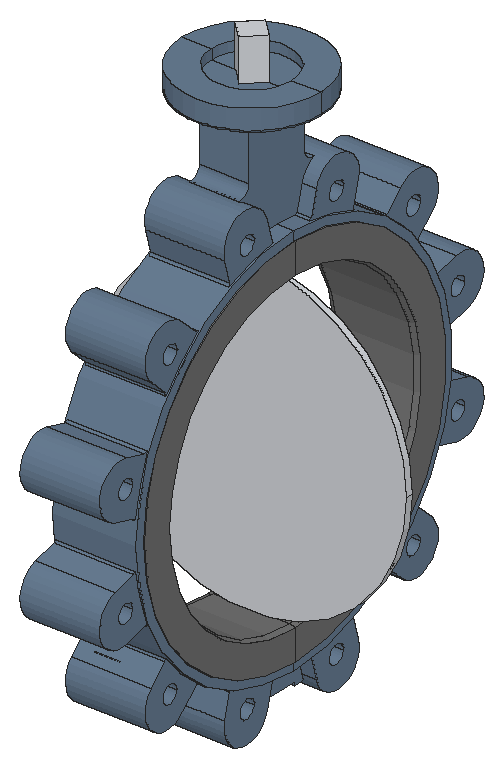
Revit family "HERZ Isolating Butterfly Valves AF-4219", category Rohrzubehör, Revit 2019
Family settings
  Bemaßung runder Anschluss = Durchmesser verwenden
  Teiletyp = Unterbricht
  OmniClass-Nummer = 23.65.55.14
  OmniClass-Titel = Valves for Liquid Services
  Arbeitsebenenbasiert = Nein
  Immer vertikal = Ja
  Beim Laden mit Abzugskörper schneiden = Nein
  Gemeinsam genutzt = Nein
Parameters
  Weight [instance] = size_lookup("4219_AF_", "Gewicht", 3.8, Nennweite)  # 37.6
  URL = "www.herzvalves.com"
  Spindle = "stainless steel ASTM-A276 / Type 316"  # constant formula
  Screws [instance] = if(Nennweite = 50.000 mm, "4x M16x35", if(Nennweite = 65.000 mm, "4x M16x35", if(Nennweite = 80.000 mm, "8x M16x35", if(Nennweite = 100.000 mm, "8x M16x40", if(Nennweite = 125.000 mm, "8x M16x40", if(Nennweite = 150.000 mm, "8x M20x40", if(Nennweite = 200.000 mm, "12x M20x45", if(Nennweite = 250.000 mm, "12x M24x45", "12x M24x45"))))))))  # "12x M24x45"
  SCTWSEQ = "FW;SBT_TYP_FW=\"101\";2"
  SCTWCODE = "04;07;02"  # constant formula
  SCRNSEQ = "ARM;ARM_TYP=\"ALLF\";2"
  SCRNCODE = "05;13;02"  # constant formula
  R99 = 1.500 mm  # constant formula
  R02 [instance] = size_lookup("4219_AF_", "R2", 1.000 mm, Nennweite)  # 37.500 mm
  Part number [instance] = size_lookup("4219_AF_", "Artnr", 421911, Nennweite)  # 1421939
  PN [instance] = size_lookup("4219_AF_", "PN", 16, Nennweite)  # 10
  O-Ring = "EPDM entsprechend ISO 1691"  # constant formula
  Min. operating temperature = "-20.00 °C with appropriate water-glycol mixture"  # constant formula
  Medium = "Heating water quality according ÖNORM H5195 or VDI-Standard 2035. The use of ethylene or propylene glycol in a\nmixing ratio 25- 50% is allowed."
  Max. operating temperature = 110 °C  # constant formula
  L05 [instance] = size_lookup("4219_AF_", "L5", 1.000 mm, Nennweite)  # 22.000 mm
  L04 [instance] = L01 - 3.500 mm  # 35.500 mm
  L03 [instance] = L01 + 1.500 mm  # 40.500 mm
  L02 [instance] = size_lookup("4219_AF_", "L2", 14.500 mm, Nennweite)  # 30.500 mm
  L01 [instance] = size_lookup("4219_AF_", "L1", 21.500 mm, Nennweite)  # 39.000 mm
  R01 [instance] = size_lookup("4219_AF_", "R1", 44.000 mm, Nennweite)  # 65.000 mm
  Nennweite [instance] = 300.000 mm
  Hersteller = "HERZ Armaturen Ges.m.b.H."  # constant formula
  H05 [instance] = size_lookup("4219_AF_", "H5", 1.000 mm, Nennweite) + H03  # 39.000 mm
  H04 [instance] = H01 - H03  # 299.000 mm
  H03 [instance] = size_lookup("4219_AF_", "H3", 1.000 mm, Nennweite)  # 9.000 mm
  H02 [instance] = size_lookup("4219_AF_", "H2", 13.000 mm, Nennweite)  # 20.000 mm
  H01 [instance] = size_lookup("4219_AF_", "H1", 125.000 mm, Nennweite)  # 308.000 mm
  Flange = "accoding to EN1092-2"  # constant formula
  Torque in NM [instance] = size_lookup("4219_AF_", "Nm", 20, Nennweite)  # 350
  Disc = "stainless steel 1.4408"  # constant formula
  DN80 [instance] = Nennweite = 80.000 mm  # no
  DN65 [instance] = Nennweite = 65.000 mm  # no
  DN50 [instance] = Nennweite = 50.000 mm  # no
  DN300 [instance] = Nennweite = 300.000 mm  # yes
  DN250 [instance] = Nennweite = 250.000 mm  # no
  DN200 [instance] = Nennweite = 200.000 mm  # no
  DN150 [instance] = Nennweite = 150.000 mm  # no
  DN125 [instance] = Nennweite = 125.000 mm  # no
  DN100 [instance] = Nennweite = 100.000 mm  # no
  D06 [instance] = size_lookup("4219_AF_", "D6", 25.300 mm, Nennweite)  # 146.500 mm
  D05 [instance] = size_lookup("4219_AF_", "D5", 24.500 mm, Nennweite)  # 145.000 mm
  D04 [instance] = D05 + 2.000 mm  # 147.000 mm
  D03 [instance] = size_lookup("4219_AF_", "D3", 35.500 mm, Nennweite)  # 167.500 mm
  D02 [instance] = size_lookup("4219_AF_", "D2", 41.000 mm, Nennweite)  # 175.000 mm
  D01 [instance] = size_lookup("4219_AF_", "D1", 47.000 mm, Nennweite)  # 183.000 mm
  Body sealing = "EPDM according to ISO 1691"  # constant formula
  Body = "GGG, GJS-400-15/JS1030, according to EN1563"  # constant formula
  Application = "Suitable for fluids in building services, cold water systems, hot water saystems, etc."
Reference planes
  plane 1 "Mitte (Vorne/hinten)": y = 0
  plane 2: z = 0
  plane 3 "Mitte (Links/rechts)": x = 0
Forms (mm)
  Revolve 1, solid, material "Herz-Metall-blau", detail levels fine
    sketch origin (0, 0, 0) x (1, 0, 0) y (0, 0, 1)
      loop
        line (-30.5, 175) -> (-30.5, 167.5) -> (30.5, 167.5) -> (30.5, 175) -> (39, 175) -> (39, 183) -> (-39, 183) -> (-39, 175) -> (-30.5, 175)
      axis (-39, 0) -> (39, 0)
    angle from 0 to 360
  Revolve 2, solid, material "Herz-Metall-blau", detail levels fine
    sketch origin (0, 0, 0) x (1, 0, 0) y (0, 0, 1)
      loop
        line (-65, 308) -> (-65, 289.463)
        arc (-65, 289.463) -> (-64.673, 288.527) -> (-63.833, 288) r 1.5
        line (-63.833, 288) -> (0, 288) -> (0, 299) -> (-37.5, 299) -> (-37.5, 308) -> (-65, 308)
      axis (0, 308) -> (0, 288)
    angle from 0 to 360
  Extrusion 3, solid, material "Herz-Metall-blau", visible <- "DN50", detail levels fine
    sketch origin (0, 0, 0) x (0, 1, 0) y (0, 0, 1)
      loop
        line (56.215, -32.173) -> (43.95, -19.909)
        arc (43.95, -19.909) -> (43.387, -18.793) -> (43.596, -17.56) r 2
        arc (43.596, -17.56) -> (33.234, -33.234) -> (17.56, -43.596) r 47
        arc (17.56, -43.596) -> (18.793, -43.387) -> (19.909, -43.95) r 2
        line (19.909, -43.95) -> (32.173, -56.215)
        arc (32.173, -56.215) -> (56.215, -56.215) -> (56.215, -32.173) r 17
      loop
        arc (-56.215, -32.173) -> (-56.215, -56.215) -> (-32.173, -56.215) r 17
        line (-32.173, -56.215) -> (-19.909, -43.95)
        arc (-19.909, -43.95) -> (-18.793, -43.387) -> (-17.56, -43.596) r 2
        arc (-17.56, -43.596) -> (-33.234, -33.234) -> (-43.596, -17.56) r 47
        arc (-43.596, -17.56) -> (-43.387, -18.793) -> (-43.95, -19.909) r 2
        line (-43.95, -19.909) -> (-56.215, -32.173)
      loop
        arc (56.215, 32.173) -> (56.215, 56.215) -> (32.173, 56.215) r 17
        line (32.173, 56.215) -> (19.909, 43.95)
        arc (19.909, 43.95) -> (18.793, 43.387) -> (17.56, 43.596) r 2
        arc (17.56, 43.596) -> (33.234, 33.234) -> (43.596, 17.56) r 47
        arc (43.596, 17.56) -> (43.387, 18.793) -> (43.95, 19.909) r 2
        line (43.95, 19.909) -> (56.215, 32.173)
      loop
        line (-56.215, 32.173) -> (-43.95, 19.909)
        arc (-43.95, 19.909) -> (-43.387, 18.793) -> (-43.596, 17.56) r 2
        arc (-43.596, 17.56) -> (-33.234, 33.234) -> (-17.56, 43.596) r 47
        arc (-17.56, 43.596) -> (-18.793, 43.387) -> (-19.909, 43.95) r 2
        line (-19.909, 43.95) -> (-32.173, 56.215)
        arc (-32.173, 56.215) -> (-56.215, 56.215) -> (-56.215, 32.173) r 17
      loop
        circle (-44.194, 44.194) r 6.92
      loop
        circle (44.194, 44.194) r 6.92
      loop
        circle (44.194, -44.194) r 6.92
      loop
        circle (-44.194, -44.194) r 6.92
    from -19.5 to 19.5
  Extrusion 4, solid, material "Herz-Metall-blau", visible <- "DN50", detail levels fine
    sketch origin (0, 0, 0) x (0, 1, 0) y (0, 0, 1)
      loop
        line (20, 74.845) -> (20, 112) -> (-20, 112) -> (-20, 74.845)
        arc (-20, 74.845) -> (-26.046, 62.811) -> (-39.31, 60.477) r 15
        arc (-39.31, 60.477) -> (-35.477, 58.789) -> (-32.173, 56.215) r 17
        line (-32.173, 56.215) -> (-19.909, 43.95)
        arc (-19.909, 43.95) -> (-18.793, 43.387) -> (-17.56, 43.596) r 2
        arc (-17.56, 43.596) -> (0, 47) -> (17.56, 43.596) r 47
        arc (17.56, 43.596) -> (18.793, 43.387) -> (19.909, 43.95) r 2
        line (19.909, 43.95) -> (32.173, 56.215)
        arc (32.173, 56.215) -> (35.477, 58.789) -> (39.31, 60.477) r 17
        arc (39.31, 60.477) -> (26.046, 62.811) -> (20, 74.845) r 15
    from -15 to 15
  Extrusion 5, solid, material "Herz-Metall-blau", visible <- "DN50"
    sketch origin (0, 0, 0) x (0, 1, 0) y (0, 0, 1)
      loop
        arc (33.834, -58) -> (34.246, -58.062) -> (34.622, -58.243) r 1.4
        arc (34.622, -58.243) -> (33.35, -57.286) -> (32.173, -56.215) r 17
        line (32.173, -56.215) -> (19.909, -43.95)
        arc (19.909, -43.95) -> (18.793, -43.387) -> (17.56, -43.596) r 2
        arc (17.56, -43.596) -> (0, -47) -> (-17.56, -43.596) r 47
        arc (-17.56, -43.596) -> (-18.793, -43.387) -> (-19.909, -43.95) r 2
        line (-19.909, -43.95) -> (-32.173, -56.215)
        arc (-32.173, -56.215) -> (-33.35, -57.286) -> (-34.622, -58.243) r 17
        arc (-34.622, -58.243) -> (-34.246, -58.062) -> (-33.834, -58) r 1.4
        line (-33.834, -58) -> (-16.963, -58)
        arc (-16.963, -58) -> (-15.575, -58.575) -> (-15, -59.963) r 1.963
        line (-15, -59.963) -> (-15, -61) -> (15, -61) -> (15, -59.963)
        arc (15, -59.963) -> (15.575, -58.575) -> (16.963, -58) r 1.963
        line (16.963, -58) -> (33.834, -58)
    from -15 to 15
  Revolve 6, solid, material "Gummi", detail levels fine
    sketch origin (-134.5, 0, 0) x (1, 0, 0) y (0, 0, 1)
      loop
        line (94, 175) -> (94, 147) -> (99, 145) -> (170, 145) -> (175, 147) -> (175, 175) -> (165, 175) -> (165, 167.5) -> (104, 167.5) -> (104, 175) -> (94, 175)
      axis (94, 0) -> (175, 0)
    angle from 0 to 360
  Extrusion 7, solid, detail levels fine
    sketch origin (0, 0, 0) x (1, 0, 0) y (0, 0, 1)
      loop
        circle (0, 0) r 146.5
    from -2.5 to 2.5
  Extrusion 8, solid, material "Herz-Metall-blau", visible <- "DN65", detail levels fine
    sketch origin (0, -300, 0) x (0, 1, 0) y (0, 0, 1)
      loop
        circle (351.265, 51.265) r 6.92
      loop
        arc (363.286, 39.244) -> (363.286, 63.286) -> (339.244, 63.286) r 17
        line (339.244, 63.286) -> (328.595, 52.636)
        arc (328.595, 52.636) -> (327.499, 52.076) -> (326.282, 52.264) r 2
        arc (326.282, 52.264) -> (341.366, 41.366) -> (352.264, 26.282) r 58.501
        arc (352.264, 26.282) -> (352.087, 27.51) -> (352.656, 28.614) r 2.038
        line (352.656, 28.614) -> (363.286, 39.244)
      loop
        circle (351.265, -51.265) r 6.92
      loop
        line (363.286, -39.244) -> (352.656, -28.614)
        arc (352.656, -28.614) -> (352.087, -27.51) -> (352.264, -26.282) r 2.038
        arc (352.264, -26.282) -> (341.366, -41.366) -> (326.282, -52.264) r 58.501
        arc (326.282, -52.264) -> (327.499, -52.076) -> (328.595, -52.636) r 2
        line (328.595, -52.636) -> (339.244, -63.286)
        arc (339.244, -63.286) -> (363.286, -63.286) -> (363.286, -39.244) r 17
      loop
        circle (248.735, 51.265) r 6.92
      loop
        line (236.714, 39.244) -> (247.344, 28.614)
        arc (247.344, 28.614) -> (247.913, 27.51) -> (247.736, 26.282) r 2.038
        arc (247.736, 26.282) -> (258.634, 41.366) -> (273.718, 52.264) r 58.501
        arc (273.718, 52.264) -> (272.501, 52.076) -> (271.405, 52.636) r 2
        line (271.405, 52.636) -> (260.756, 63.286)
        arc (260.756, 63.286) -> (236.714, 63.286) -> (236.714, 39.244) r 17
      loop
        circle (248.735, -51.265) r 6.92
      loop
        arc (236.714, -39.244) -> (236.714, -63.286) -> (260.756, -63.286) r 17
        line (260.756, -63.286) -> (271.405, -52.636)
        arc (271.405, -52.636) -> (272.501, -52.076) -> (273.718, -52.264) r 2
        arc (273.718, -52.264) -> (258.634, -41.366) -> (247.736, -26.282) r 58.501
        arc (247.736, -26.282) -> (247.913, -27.51) -> (247.344, -28.614) r 2.038
        line (247.344, -28.614) -> (236.714, -39.244)
    from -21 to 21
  Extrusion 9, solid, material "Herz-Metall-blau", visible <- "DN65", detail levels fine
    sketch origin (0, -300, 0) x (0, 1, 0) y (0, 0, 1)
      loop
        line (278, 136.5) -> (278, 78.286)
        arc (278, 78.286) -> (272.889, 69.099) -> (263, 65.53) r 14.984
        line (263, 65.53) -> (257.982, 65.53)
        arc (257.982, 65.53) -> (259.428, 64.481) -> (260.756, 63.286) r 17
        line (260.756, 63.286) -> (271.405, 52.636)
        arc (271.405, 52.636) -> (272.501, 52.076) -> (273.718, 52.264) r 2
        arc (273.718, 52.264) -> (300, 58.5) -> (326.282, 52.264) r 58.5
        arc (326.282, 52.264) -> (327.499, 52.076) -> (328.595, 52.636) r 2
        line (328.595, 52.636) -> (339.244, 63.286)
        arc (339.244, 63.286) -> (340.572, 64.481) -> (342.018, 65.53) r 17
        line (342.018, 65.53) -> (337, 65.53)
        arc (337, 65.53) -> (327.111, 69.099) -> (322, 78.286) r 14.984
        line (322, 78.286) -> (322, 136.5) -> (278, 136.5)
      loop
        arc (260.756, -63.286) -> (259.428, -64.481) -> (257.982, -65.53) r 17
        line (257.982, -65.53) -> (280.029, -65.53)
        arc (280.029, -65.53) -> (281.423, -66.108) -> (282, -67.501) r 1.971
        line (282, -67.501) -> (282, -74) -> (318, -74) -> (318, -67.527)
        arc (318, -67.527) -> (318.585, -66.115) -> (319.997, -65.53) r 1.997
        line (319.997, -65.53) -> (342.018, -65.53)
        arc (342.018, -65.53) -> (340.572, -64.481) -> (339.244, -63.286) r 17
        line (339.244, -63.286) -> (328.595, -52.636)
        arc (328.595, -52.636) -> (327.499, -52.076) -> (326.282, -52.264) r 2
        arc (326.282, -52.264) -> (300, -58.5) -> (273.718, -52.264) r 58.5
        arc (273.718, -52.264) -> (272.501, -52.076) -> (271.405, -52.636) r 2
        line (271.405, -52.636) -> (260.756, -63.286)
    from -18 to 18
  Extrusion 10, solid, material "Herz-Metall-blau", visible <- "DN80", detail levels fine
    sketch origin (0, -300, 0) x (0, 1, 0) y (0, 0, 1)
      loop
        circle (269.385, 73.91) r 6.92
      loop
        arc (285.091, 80.416) -> (262.88, 89.616) -> (253.679, 67.405) r 17
        line (253.679, 67.405) -> (259.513, 53.322)
        arc (259.513, 53.322) -> (259.602, 52.073) -> (258.924, 51.02) r 1.982
        arc (258.924, 51.02) -> (274.934, 60.514) -> (292.968, 65.121) r 65.5
        arc (292.968, 65.121) -> (291.745, 65.388) -> (290.924, 66.335) r 1.984
        line (290.924, 66.335) -> (285.091, 80.416)
      loop
        circle (226.09, 30.615) r 6.92
      loop
        line (219.584, 14.909) -> (233.665, 9.076)
        arc (233.665, 9.076) -> (234.612, 8.255) -> (234.879, 7.032) r 1.984
        arc (234.879, 7.032) -> (239.486, 25.066) -> (248.98, 41.076) r 65.5
        arc (248.98, 41.076) -> (247.927, 40.398) -> (246.678, 40.487) r 1.982
        line (246.678, 40.487) -> (232.595, 46.321)
        arc (232.595, 46.321) -> (210.384, 37.12) -> (219.584, 14.909) r 17
      loop
        circle (269.385, -73.91) r 6.92
      loop
        line (285.091, -80.416) -> (290.924, -66.335)
        arc (290.924, -66.335) -> (291.745, -65.388) -> (292.968, -65.121) r 1.984
        arc (292.968, -65.121) -> (274.934, -60.514) -> (258.924, -51.02) r 65.5
        arc (258.924, -51.02) -> (259.602, -52.073) -> (259.513, -53.322) r 1.982
        line (259.513, -53.322) -> (253.679, -67.405)
        arc (253.679, -67.405) -> (262.88, -89.616) -> (285.091, -80.416) r 17
      loop
        circle (226.09, -30.615) r 6.92
      loop
        arc (219.584, -14.909) -> (210.384, -37.12) -> (232.595, -46.321) r 17
        line (232.595, -46.321) -> (246.678, -40.487)
        arc (246.678, -40.487) -> (247.927, -40.398) -> (248.98, -41.076) r 1.982
        arc (248.98, -41.076) -> (239.486, -25.066) -> (234.879, -7.032) r 65.5
        arc (234.879, -7.032) -> (234.612, -8.255) -> (233.665, -9.076) r 1.984
        line (233.665, -9.076) -> (219.584, -14.909)
      loop
        circle (330.615, 73.91) r 6.92
      loop
        line (314.909, 80.416) -> (309.076, 66.335)
        arc (309.076, 66.335) -> (308.255, 65.388) -> (307.032, 65.121) r 1.984
        arc (307.032, 65.121) -> (325.066, 60.514) -> (341.076, 51.02) r 65.5
        arc (341.076, 51.02) -> (340.398, 52.073) -> (340.487, 53.322) r 1.982
        line (340.487, 53.322) -> (346.321, 67.405)
        arc (346.321, 67.405) -> (337.12, 89.616) -> (314.909, 80.416) r 17
      loop
        circle (373.91, 30.615) r 6.92
      loop
        arc (380.416, 14.909) -> (389.616, 37.12) -> (367.405, 46.321) r 17
        line (367.405, 46.321) -> (353.322, 40.487)
        arc (353.322, 40.487) -> (352.073, 40.398) -> (351.02, 41.076) r 1.982
        arc (351.02, 41.076) -> (360.514, 25.066) -> (365.121, 7.032) r 65.5
        arc (365.121, 7.032) -> (365.388, 8.255) -> (366.335, 9.076) r 1.984
        line (366.335, 9.076) -> (380.416, 14.909)
      loop
        circle (330.615, -73.91) r 6.92
      loop
        arc (314.909, -80.416) -> (337.12, -89.616) -> (346.321, -67.405) r 17
        line (346.321, -67.405) -> (340.487, -53.322)
        arc (340.487, -53.322) -> (340.398, -52.073) -> (341.076, -51.02) r 1.982
        arc (341.076, -51.02) -> (325.066, -60.514) -> (307.032, -65.121) r 65.5
        arc (307.032, -65.121) -> (308.255, -65.388) -> (309.076, -66.335) r 1.984
        line (309.076, -66.335) -> (314.909, -80.416)
      loop
        circle (373.91, -30.615) r 6.92
      loop
        line (380.416, -14.909) -> (366.335, -9.076)
        arc (366.335, -9.076) -> (365.388, -8.255) -> (365.121, -7.032) r 1.984
        arc (365.121, -7.032) -> (360.514, -25.066) -> (351.02, -41.076) r 65.5
        arc (351.02, -41.076) -> (352.073, -40.398) -> (353.322, -40.487) r 1.982
        line (353.322, -40.487) -> (367.405, -46.321)
        arc (367.405, -46.321) -> (389.616, -37.12) -> (380.416, -14.909) r 17
    from -21 to 21
  Extrusion 11, solid, material "Herz-Metall-blau", visible <- "DN80", detail levels fine
    sketch origin (0, -300, 0) x (0, 1, 0) y (0, 0, 1)
      loop
        line (278, 143.5) -> (278, 100.814)
        arc (278, 100.814) -> (275.545, 94.251) -> (269.385, 90.91) r 10
        arc (269.385, 90.91) -> (278.83, 88.045) -> (285.091, 80.416) r 17
        line (285.091, 80.416) -> (290.924, 66.335)
        arc (290.924, 66.335) -> (291.744, 65.388) -> (292.968, 65.121) r 1.984
        arc (292.968, 65.121) -> (300, 65.497) -> (307.032, 65.121) r 66.05
        arc (307.032, 65.121) -> (308.256, 65.388) -> (309.076, 66.335) r 1.984
        line (309.076, 66.335) -> (314.909, 80.416)
        arc (314.909, 80.416) -> (321.17, 88.045) -> (330.615, 90.91) r 17
        arc (330.615, 90.91) -> (324.455, 94.251) -> (322, 100.814) r 10
        line (322, 100.814) -> (322, 143.5) -> (278, 143.5)
      loop
        line (285.091, -80.416) -> (286.5, -80.946) -> (313.5, -80.946) -> (314.89, -80.371) -> (309.076, -66.335)
        arc (309.076, -66.335) -> (308.256, -65.388) -> (307.032, -65.121) r 1.984
        arc (307.032, -65.121) -> (300, -65.497) -> (292.968, -65.121) r 66.05
        arc (292.968, -65.121) -> (291.744, -65.388) -> (290.924, -66.335) r 1.984
        line (290.924, -66.335) -> (285.091, -80.416)
    from -18.5 to 18.5
  Extrusion 12, solid, material "Herz-Metall-blau", visible <- "DN100", detail levels fine
    sketch origin (0, -300, 0) x (0, 1, 0) y (0, 0, 1)
      loop
        circle (265.558, 83.149) r 6.92
      loop
        arc (281.264, 89.655) -> (259.053, 98.855) -> (249.853, 76.644) r 17
        line (249.853, 76.644) -> (255.731, 62.451)
        arc (255.731, 62.451) -> (255.813, 61.14) -> (255.074, 60.055) r 2.025
        arc (255.074, 60.055) -> (271.3, 69.291) -> (289.305, 74.233) r 75
        arc (289.305, 74.233) -> (288.012, 74.478) -> (287.142, 75.464) r 2.027
        line (287.142, 75.464) -> (281.264, 89.655)
      loop
        circle (216.851, 34.442) r 6.92
      loop
        line (210.345, 18.736) -> (224.536, 12.858)
        arc (224.536, 12.858) -> (225.522, 11.988) -> (225.767, 10.695) r 2.027
        arc (225.767, 10.695) -> (230.709, 28.7) -> (239.945, 44.926) r 75
        arc (239.945, 44.926) -> (238.86, 44.187) -> (237.549, 44.269) r 2.025
        line (237.549, 44.269) -> (223.356, 50.147)
        arc (223.356, 50.147) -> (201.145, 40.947) -> (210.345, 18.736) r 17
      loop
        circle (265.558, -83.149) r 6.92
      loop
        line (281.264, -89.655) -> (287.142, -75.464)
        arc (287.142, -75.464) -> (288.012, -74.478) -> (289.305, -74.233) r 2.027
        arc (289.305, -74.233) -> (271.3, -69.291) -> (255.074, -60.055) r 75
        arc (255.074, -60.055) -> (255.813, -61.14) -> (255.731, -62.451) r 2.025
        line (255.731, -62.451) -> (249.853, -76.644)
        arc (249.853, -76.644) -> (259.053, -98.855) -> (281.264, -89.655) r 17
      loop
        circle (216.851, -34.442) r 6.92
      loop
        arc (210.345, -18.736) -> (201.145, -40.947) -> (223.356, -50.147) r 17
        line (223.356, -50.147) -> (237.549, -44.269)
        arc (237.549, -44.269) -> (238.86, -44.187) -> (239.945, -44.926) r 2.025
        arc (239.945, -44.926) -> (230.709, -28.7) -> (225.767, -10.695) r 75
        arc (225.767, -10.695) -> (225.522, -11.988) -> (224.536, -12.858) r 2.027
        line (224.536, -12.858) -> (210.345, -18.736)
      loop
        circle (334.442, 83.149) r 6.92
      loop
        line (318.736, 89.655) -> (312.858, 75.464)
        arc (312.858, 75.464) -> (311.988, 74.478) -> (310.695, 74.233) r 2.027
        arc (310.695, 74.233) -> (328.7, 69.291) -> (344.926, 60.055) r 75
        arc (344.926, 60.055) -> (344.187, 61.14) -> (344.269, 62.451) r 2.025
        line (344.269, 62.451) -> (350.147, 76.644)
        arc (350.147, 76.644) -> (340.947, 98.855) -> (318.736, 89.655) r 17
      loop
        circle (383.149, 34.442) r 6.92
      loop
        arc (389.655, 18.736) -> (398.855, 40.947) -> (376.644, 50.147) r 17
        line (376.644, 50.147) -> (362.451, 44.269)
        arc (362.451, 44.269) -> (361.14, 44.187) -> (360.055, 44.926) r 2.025
        arc (360.055, 44.926) -> (369.291, 28.7) -> (374.233, 10.695) r 75
        arc (374.233, 10.695) -> (374.478, 11.988) -> (375.464, 12.858) r 2.027
        line (375.464, 12.858) -> (389.655, 18.736)
      loop
        circle (334.442, -83.149) r 6.92
      loop
        arc (318.736, -89.655) -> (340.947, -98.855) -> (350.147, -76.644) r 17
        line (350.147, -76.644) -> (344.269, -62.451)
        arc (344.269, -62.451) -> (344.187, -61.14) -> (344.926, -60.055) r 2.025
        arc (344.926, -60.055) -> (328.7, -69.291) -> (310.695, -74.233) r 75
        arc (310.695, -74.233) -> (311.988, -74.478) -> (312.858, -75.464) r 2.027
        line (312.858, -75.464) -> (318.736, -89.655)
      loop
        circle (383.149, -34.442) r 6.92
      loop
        line (389.655, -18.736) -> (375.464, -12.858)
        arc (375.464, -12.858) -> (374.478, -11.988) -> (374.233, -10.695) r 2.027
        arc (374.233, -10.695) -> (369.291, -28.7) -> (360.055, -44.926) r 75
        arc (360.055, -44.926) -> (361.14, -44.187) -> (362.451, -44.269) r 2.025
        line (362.451, -44.269) -> (376.644, -50.147)
        arc (376.644, -50.147) -> (398.855, -40.947) -> (389.655, -18.736) r 17
    from -24 to 24
  Extrusion 13, solid, material "Herz-Metall-blau", visible <- "DN100", detail levels fine
    sketch origin (0, -300, 0) x (0, 1, 0) y (0, 0, 1)
      loop
        line (274, 167) -> (274, 114.47)
        arc (274, 114.47) -> (270.644, 105.014) -> (262.078, 99.789) r 15
        arc (262.078, 99.789) -> (273.498, 98.181) -> (281.264, 89.655) r 17
        line (281.264, 89.655) -> (287.142, 75.464)
        arc (287.142, 75.464) -> (288.012, 74.478) -> (289.305, 74.233) r 2.027
        arc (289.305, 74.233) -> (300, 75) -> (310.695, 74.233) r 75
        arc (310.695, 74.233) -> (311.988, 74.478) -> (312.858, 75.464) r 2.027
        line (312.858, 75.464) -> (318.736, 89.655)
        arc (318.736, 89.655) -> (326.502, 98.181) -> (337.922, 99.789) r 17
        arc (337.922, 99.789) -> (329.356, 105.014) -> (326, 114.47) r 15
        line (326, 114.47) -> (326, 167) -> (274, 167)
      loop
        line (286.5, -93) -> (313.5, -93) -> (313.5, -96) -> (323.312, -96)
        arc (323.312, -96) -> (320.654, -93.094) -> (318.736, -89.655) r 17
        line (318.736, -89.655) -> (312.858, -75.464)
        arc (312.858, -75.464) -> (311.988, -74.478) -> (310.695, -74.233) r 2.027
        arc (310.695, -74.233) -> (300, -75) -> (289.305, -74.233) r 75
        arc (289.305, -74.233) -> (288.012, -74.478) -> (287.142, -75.464) r 2.027
        line (287.142, -75.464) -> (281.264, -89.655)
        arc (281.264, -89.655) -> (279.346, -93.094) -> (276.688, -96) r 17
        line (276.688, -96) -> (286.5, -96) -> (286.5, -93)
    from -18 to 18
  Extrusion 14, solid, material "Herz-Metall-blau", visible <- "DN125", detail levels fine
    sketch origin (0, -300, 0) x (0, 1, 0) y (0, 0, 1)
      loop
        circle (259.818, 97.007) r 6.92
      loop
        arc (275.524, 103.513) -> (253.313, 112.713) -> (244.112, 90.502) r 17
        line (244.112, 90.502) -> (249.217, 78.179)
        arc (249.217, 78.179) -> (249.286, 76.825) -> (248.485, 75.731) r 2.023
        arc (248.485, 75.731) -> (264.902, 84.594) -> (282.772, 89.957) r 91.852
        arc (282.772, 89.957) -> (281.505, 90.18) -> (280.649, 91.141) r 1.958
        line (280.649, 91.141) -> (275.524, 103.513)
      loop
        circle (202.993, 40.182) r 6.92
      loop
        line (196.487, 24.476) -> (208.859, 19.351)
        arc (208.859, 19.351) -> (209.82, 18.495) -> (210.043, 17.228) r 1.958
        arc (210.043, 17.228) -> (215.406, 35.098) -> (224.269, 51.515) r 91.852
        arc (224.269, 51.515) -> (223.175, 50.714) -> (221.821, 50.783) r 2.023
        line (221.821, 50.783) -> (209.498, 55.888)
        arc (209.498, 55.888) -> (187.287, 46.687) -> (196.487, 24.476) r 17
      loop
        circle (259.818, -97.007) r 6.92
      loop
        line (275.524, -103.513) -> (280.649, -91.141)
        arc (280.649, -91.141) -> (281.505, -90.18) -> (282.772, -89.957) r 1.958
        arc (282.772, -89.957) -> (264.902, -84.594) -> (248.485, -75.731) r 91.852
        arc (248.485, -75.731) -> (249.286, -76.825) -> (249.217, -78.179) r 2.023
        line (249.217, -78.179) -> (244.112, -90.502)
        arc (244.112, -90.502) -> (253.313, -112.713) -> (275.524, -103.513) r 17
      loop
        circle (202.993, -40.182) r 6.92
      loop
        arc (196.487, -24.476) -> (187.287, -46.687) -> (209.498, -55.888) r 17
        line (209.498, -55.888) -> (221.821, -50.783)
        arc (221.821, -50.783) -> (223.175, -50.714) -> (224.269, -51.515) r 2.023
        arc (224.269, -51.515) -> (215.406, -35.098) -> (210.043, -17.228) r 91.852
        arc (210.043, -17.228) -> (209.82, -18.495) -> (208.859, -19.351) r 1.958
        line (208.859, -19.351) -> (196.487, -24.476)
      loop
        circle (340.182, 97.007) r 6.92
      loop
        line (324.476, 103.513) -> (319.351, 91.141)
        arc (319.351, 91.141) -> (318.495, 90.18) -> (317.228, 89.957) r 1.958
        arc (317.228, 89.957) -> (335.098, 84.594) -> (351.515, 75.731) r 91.852
        arc (351.515, 75.731) -> (350.714, 76.825) -> (350.783, 78.179) r 2.023
        line (350.783, 78.179) -> (355.888, 90.502)
        arc (355.888, 90.502) -> (346.687, 112.713) -> (324.476, 103.513) r 17
      loop
        circle (397.007, 40.182) r 6.92
      loop
        arc (403.513, 24.476) -> (412.713, 46.687) -> (390.502, 55.888) r 17
        line (390.502, 55.888) -> (378.179, 50.783)
        arc (378.179, 50.783) -> (376.825, 50.714) -> (375.731, 51.515) r 2.023
        arc (375.731, 51.515) -> (384.594, 35.098) -> (389.957, 17.228) r 91.852
        arc (389.957, 17.228) -> (390.18, 18.495) -> (391.141, 19.351) r 1.958
        line (391.141, 19.351) -> (403.513, 24.476)
      loop
        circle (340.182, -97.007) r 6.92
      loop
        arc (324.476, -103.513) -> (346.687, -112.713) -> (355.888, -90.502) r 17
        line (355.888, -90.502) -> (350.783, -78.179)
        arc (350.783, -78.179) -> (350.714, -76.825) -> (351.515, -75.731) r 2.023
        arc (351.515, -75.731) -> (335.098, -84.594) -> (317.228, -89.957) r 91.852
        arc (317.228, -89.957) -> (318.495, -90.18) -> (319.351, -91.141) r 1.958
        line (319.351, -91.141) -> (324.476, -103.513)
      loop
        circle (397.007, -40.182) r 6.92
      loop
        line (403.513, -24.476) -> (391.141, -19.351)
        arc (391.141, -19.351) -> (390.18, -18.495) -> (389.957, -17.228) r 1.958
        arc (389.957, -17.228) -> (384.594, -35.098) -> (375.731, -51.515) r 91.852
        arc (375.731, -51.515) -> (376.825, -50.714) -> (378.179, -50.783) r 2.023
        line (378.179, -50.783) -> (390.502, -55.888)
        arc (390.502, -55.888) -> (412.713, -46.687) -> (403.513, -24.476) r 17
    from -26 to 26
  Extrusion 15, solid, material "Herz-Metall-blau", visible <- "DN125", detail levels fine
    sketch origin (0, -300, 0) x (0, 1, 0) y (0, 0, 1)
      loop
        line (273.999, 186) -> (273.95, 123.689)
        arc (273.95, 123.689) -> (270.458, 116.096) -> (262.42, 113.807) r 10
        arc (262.42, 113.807) -> (270.32, 110.376) -> (275.524, 103.513) r 17
        line (275.524, 103.513) -> (280.649, 91.141)
        arc (280.649, 91.141) -> (281.528, 90.167) -> (282.825, 89.967) r 1.958
        arc (282.825, 89.967) -> (299.999, 91.589) -> (317.173, 89.967) r 91.7
        arc (317.173, 89.967) -> (318.469, 90.167) -> (319.348, 91.141) r 1.958
        line (319.348, 91.141) -> (324.473, 103.513)
        arc (324.473, 103.513) -> (329.677, 110.376) -> (337.577, 113.807) r 17
        arc (337.577, 113.807) -> (329.539, 116.096) -> (325.999, 123.689) r 10
        line (325.999, 123.689) -> (325.999, 186) -> (273.999, 186)
      loop
        line (286.499, -110.51) -> (313.499, -110.51) -> (313.499, -113.51) -> (336.099, -113.51)
        arc (336.099, -113.51) -> (329.095, -109.897) -> (324.473, -103.513) r 17
        line (324.473, -103.513) -> (319.348, -91.141)
        arc (319.348, -91.141) -> (318.469, -90.167) -> (317.173, -89.967) r 1.958
        arc (317.173, -89.967) -> (299.999, -91.589) -> (282.825, -89.967) r 91.7
        arc (282.825, -89.967) -> (281.528, -90.167) -> (280.649, -91.141) r 1.958
        line (280.649, -91.141) -> (275.524, -103.513)
        arc (275.524, -103.513) -> (270.902, -109.897) -> (263.898, -113.51) r 17
        line (263.898, -113.51) -> (286.499, -113.51) -> (286.499, -110.51)
    from -18 to 18
  Extrusion 16, solid, material "Herz-Metall-blau", visible <- "DN150", detail levels fine
    sketch origin (0, -300, 0) x (0, 1, 0) y (0, 0, 1)
      loop
        circle (254.078, 110.866) r 8.645
      loop
        arc (273.479, 118.902) -> (246.042, 130.267) -> (234.677, 102.829) r 21
        line (234.677, 102.829) -> (241.591, 86.136)
        arc (241.591, 86.136) -> (241.664, 84.82) -> (240.899, 83.746) r 1.993
        arc (240.899, 83.746) -> (260.776, 94.698) -> (282.575, 101.008) r 102.504
        arc (282.575, 101.008) -> (281.263, 101.248) -> (280.379, 102.246) r 2.042
        line (280.379, 102.246) -> (273.479, 118.902)
      loop
        circle (189.134, 45.922) r 8.645
      loop
        line (181.098, 26.521) -> (197.754, 19.621)
        arc (197.754, 19.621) -> (198.752, 18.737) -> (198.992, 17.425) r 2.042
        arc (198.992, 17.425) -> (205.302, 39.224) -> (216.254, 59.101) r 102.504
        arc (216.254, 59.101) -> (215.18, 58.336) -> (213.864, 58.409) r 1.993
        line (213.864, 58.409) -> (197.171, 65.323)
        arc (197.171, 65.323) -> (169.733, 53.958) -> (181.098, 26.521) r 21
      loop
        circle (254.078, -110.866) r 8.645
      loop
        line (273.479, -118.902) -> (280.379, -102.246)
        arc (280.379, -102.246) -> (281.263, -101.248) -> (282.575, -101.008) r 2.042
        arc (282.575, -101.008) -> (260.776, -94.698) -> (240.899, -83.746) r 102.504
        arc (240.899, -83.746) -> (241.664, -84.82) -> (241.591, -86.136) r 1.993
        line (241.591, -86.136) -> (234.677, -102.829)
        arc (234.677, -102.829) -> (246.042, -130.267) -> (273.479, -118.902) r 21
      loop
        circle (189.134, -45.922) r 8.645
      loop
        arc (181.098, -26.521) -> (169.733, -53.958) -> (197.171, -65.323) r 21
        line (197.171, -65.323) -> (213.864, -58.409)
        arc (213.864, -58.409) -> (215.18, -58.336) -> (216.254, -59.101) r 1.993
        arc (216.254, -59.101) -> (205.302, -39.224) -> (198.992, -17.425) r 102.504
        arc (198.992, -17.425) -> (198.752, -18.737) -> (197.754, -19.621) r 2.042
        line (197.754, -19.621) -> (181.098, -26.521)
      loop
        circle (345.922, 110.866) r 8.645
      loop
        line (326.521, 118.902) -> (319.621, 102.246)
        arc (319.621, 102.246) -> (318.737, 101.248) -> (317.425, 101.008) r 2.042
        arc (317.425, 101.008) -> (339.224, 94.698) -> (359.101, 83.746) r 102.504
        arc (359.101, 83.746) -> (358.336, 84.82) -> (358.409, 86.136) r 1.993
        line (358.409, 86.136) -> (365.323, 102.829)
        arc (365.323, 102.829) -> (353.958, 130.267) -> (326.521, 118.902) r 21
      loop
        circle (410.866, 45.922) r 8.645
      loop
        arc (418.902, 26.521) -> (430.267, 53.958) -> (402.829, 65.323) r 21
        line (402.829, 65.323) -> (386.136, 58.409)
        arc (386.136, 58.409) -> (384.82, 58.336) -> (383.746, 59.101) r 1.993
        arc (383.746, 59.101) -> (394.698, 39.224) -> (401.008, 17.425) r 102.504
        arc (401.008, 17.425) -> (401.248, 18.737) -> (402.246, 19.621) r 2.042
        line (402.246, 19.621) -> (418.902, 26.521)
      loop
        circle (345.922, -110.866) r 8.645
      loop
        arc (326.521, -118.902) -> (353.958, -130.267) -> (365.323, -102.829) r 21
        line (365.323, -102.829) -> (358.409, -86.136)
        arc (358.409, -86.136) -> (358.336, -84.82) -> (359.101, -83.746) r 1.993
        arc (359.101, -83.746) -> (339.224, -94.698) -> (317.425, -101.008) r 102.504
        arc (317.425, -101.008) -> (318.737, -101.248) -> (319.621, -102.246) r 2.042
        line (319.621, -102.246) -> (326.521, -118.902)
      loop
        circle (410.866, -45.922) r 8.645
      loop
        line (418.902, -26.521) -> (402.246, -19.621)
        arc (402.246, -19.621) -> (401.248, -18.737) -> (401.008, -17.425) r 2.042
        arc (401.008, -17.425) -> (394.698, -39.224) -> (383.746, -59.101) r 102.504
        arc (383.746, -59.101) -> (384.82, -58.336) -> (386.136, -58.409) r 1.993
        line (386.136, -58.409) -> (402.829, -65.323)
        arc (402.829, -65.323) -> (430.267, -53.958) -> (418.902, -26.521) r 21
    from -26 to 26
  Extrusion 17, solid, material "Herz-Metall-blau", visible <- "DN150", detail levels fine
    sketch origin (0, -300, 0) x (0, 1, 0) y (0, 0, 1)
      loop
        line (274, 199) -> (274, 135)
        arc (274, 135) -> (272.527, 129.776) -> (268.541, 126.091) r 10
        arc (268.541, 126.091) -> (271.388, 122.755) -> (273.479, 118.902) r 21
        line (273.479, 118.902) -> (280.379, 102.246)
        arc (280.379, 102.246) -> (281.28, 101.239) -> (282.612, 101.014) r 2.042
        arc (282.612, 101.014) -> (300, 102.5) -> (317.388, 101.014) r 102.5
        arc (317.388, 101.014) -> (318.72, 101.239) -> (319.621, 102.246) r 2.042
        line (319.621, 102.246) -> (326.521, 118.902)
        arc (326.521, 118.902) -> (328.612, 122.755) -> (331.459, 126.091) r 21
        arc (331.459, 126.091) -> (327.473, 129.776) -> (326, 135) r 10
        line (326, 135) -> (326, 199) -> (274, 199)
      loop
        line (286.5, -122.5) -> (313.5, -122.5) -> (313.5, -125.5) -> (330.861, -125.5)
        arc (330.861, -125.5) -> (328.378, -122.407) -> (326.521, -118.902) r 21
        line (326.521, -118.902) -> (319.621, -102.246)
        arc (319.621, -102.246) -> (318.72, -101.239) -> (317.388, -101.014) r 2.042
        arc (317.388, -101.014) -> (300, -102.5) -> (282.612, -101.014) r 102.5
        arc (282.612, -101.014) -> (281.28, -101.239) -> (280.379, -102.246) r 2.042
        line (280.379, -102.246) -> (273.479, -118.902)
        arc (273.479, -118.902) -> (271.622, -122.407) -> (269.139, -125.5) r 21
        line (269.139, -125.5) -> (286.5, -125.5) -> (286.5, -122.5)
    from -18 to 18
  Extrusion 18, solid, material "Herz-Metall-blau", visible <- "DN200", detail levels fine
    sketch origin (0, -400, 0) x (0, 1, 0) y (0, 0, 1)
      loop
        circle (361.824, 142.474) r 8.645
      loop
        arc (382.109, 147.909) -> (356.389, 162.759) -> (341.54, 137.039) r 21
        line (341.54, 137.039) -> (345.801, 121.136)
        arc (345.801, 121.136) -> (345.679, 119.74) -> (344.688, 118.75) r 2.048
        arc (344.688, 118.75) -> (366.062, 126.527) -> (388.459, 130.491) r 131
        arc (388.459, 130.491) -> (387.159, 130.838) -> (386.388, 131.939) r 1.965
        line (386.388, 131.939) -> (382.109, 147.909)
      loop
        circle (257.526, 38.176) r 8.645
      loop
        line (252.091, 17.891) -> (268.061, 13.612)
        arc (268.061, 13.612) -> (269.162, 12.841) -> (269.509, 11.541) r 1.965
        arc (269.509, 11.541) -> (273.473, 33.938) -> (281.25, 55.312) r 131
        arc (281.25, 55.312) -> (280.26, 54.321) -> (278.864, 54.199) r 2.048
        line (278.864, 54.199) -> (262.961, 58.46)
        arc (262.961, 58.46) -> (237.241, 43.611) -> (252.091, 17.891) r 21
      loop
        circle (295.702, 104.298) r 8.645
      loop
        line (280.853, 89.449) -> (292.543, 77.758)
        arc (292.543, 77.758) -> (293.111, 76.539) -> (292.762, 75.24) r 1.965
        arc (292.762, 75.24) -> (307.393, 92.655) -> (324.816, 107.277) r 131
        arc (324.816, 107.277) -> (323.463, 106.914) -> (322.193, 107.506) r 2.048
        line (322.193, 107.506) -> (310.551, 119.147)
        arc (310.551, 119.147) -> (280.853, 119.147) -> (280.853, 89.449) r 21
      loop
        circle (361.824, -142.474) r 8.645
      loop
        line (382.109, -147.909) -> (386.388, -131.939)
        arc (386.388, -131.939) -> (387.159, -130.838) -> (388.459, -130.491) r 1.965
        arc (388.459, -130.491) -> (366.062, -126.527) -> (344.688, -118.75) r 131
        arc (344.688, -118.75) -> (345.679, -119.74) -> (345.801, -121.136) r 2.048
        line (345.801, -121.136) -> (341.54, -137.039)
        arc (341.54, -137.039) -> (356.389, -162.759) -> (382.109, -147.909) r 21
      loop
        circle (257.526, -38.176) r 8.645
      loop
        arc (252.091, -17.891) -> (237.241, -43.611) -> (262.961, -58.46) r 21
        line (262.961, -58.46) -> (278.864, -54.199)
        arc (278.864, -54.199) -> (280.26, -54.321) -> (281.25, -55.312) r 2.048
        arc (281.25, -55.312) -> (273.473, -33.938) -> (269.509, -11.541) r 131
        arc (269.509, -11.541) -> (269.162, -12.841) -> (268.061, -13.612) r 1.965
        line (268.061, -13.612) -> (252.091, -17.891)
      loop
        circle (295.702, -104.298) r 8.645
      loop
        arc (280.853, -89.449) -> (280.853, -119.147) -> (310.551, -119.147) r 21
        line (310.551, -119.147) -> (322.193, -107.506)
        arc (322.193, -107.506) -> (323.463, -106.914) -> (324.816, -107.277) r 2.048
        arc (324.816, -107.277) -> (307.393, -92.655) -> (292.762, -75.24) r 131
        arc (292.762, -75.24) -> (293.111, -76.539) -> (292.543, -77.758) r 1.965
        line (292.543, -77.758) -> (280.853, -89.449)
      loop
        circle (438.176, 142.474) r 8.645
      loop
        line (417.891, 147.909) -> (413.612, 131.939)
        arc (413.612, 131.939) -> (412.841, 130.838) -> (411.541, 130.491) r 1.965
        arc (411.541, 130.491) -> (433.938, 126.527) -> (455.312, 118.75) r 131
        arc (455.312, 118.75) -> (454.321, 119.74) -> (454.199, 121.136) r 2.048
        line (454.199, 121.136) -> (458.46, 137.039)
        arc (458.46, 137.039) -> (443.611, 162.759) -> (417.891, 147.909) r 21
      loop
        circle (542.474, 38.176) r 8.645
      loop
        arc (547.909, 17.891) -> (562.759, 43.611) -> (537.039, 58.46) r 21
        line (537.039, 58.46) -> (521.136, 54.199)
        arc (521.136, 54.199) -> (519.74, 54.321) -> (518.75, 55.312) r 2.048
        arc (518.75, 55.312) -> (526.527, 33.938) -> (530.491, 11.541) r 131
        arc (530.491, 11.541) -> (530.838, 12.841) -> (531.939, 13.612) r 1.965
        line (531.939, 13.612) -> (547.909, 17.891)
      loop
        circle (504.298, 104.298) r 8.645
      loop
        arc (519.147, 89.449) -> (519.147, 119.147) -> (489.449, 119.147) r 21
        line (489.449, 119.147) -> (477.807, 107.506)
        arc (477.807, 107.506) -> (476.537, 106.914) -> (475.184, 107.277) r 2.048
        arc (475.184, 107.277) -> (492.607, 92.655) -> (507.238, 75.24) r 131
        arc (507.238, 75.24) -> (506.889, 76.539) -> (507.457, 77.758) r 1.965
        line (507.457, 77.758) -> (519.147, 89.449)
      loop
        circle (438.176, -142.474) r 8.645
      loop
        arc (417.891, -147.909) -> (443.611, -162.759) -> (458.46, -137.039) r 21
        line (458.46, -137.039) -> (454.199, -121.136)
        arc (454.199, -121.136) -> (454.321, -119.74) -> (455.312, -118.75) r 2.048
        arc (455.312, -118.75) -> (433.938, -126.527) -> (411.541, -130.491) r 131
        arc (411.541, -130.491) -> (412.841, -130.838) -> (413.612, -131.939) r 1.965
        line (413.612, -131.939) -> (417.891, -147.909)
      loop
        circle (542.474, -38.176) r 8.645
      loop
        line (547.909, -17.891) -> (531.939, -13.612)
        arc (531.939, -13.612) -> (530.838, -12.841) -> (530.491, -11.541) r 1.965
        arc (530.491, -11.541) -> (526.527, -33.938) -> (518.75, -55.312) r 131
        arc (518.75, -55.312) -> (519.74, -54.321) -> (521.136, -54.199) r 2.048
        line (521.136, -54.199) -> (537.039, -58.46)
        arc (537.039, -58.46) -> (562.759, -43.611) -> (547.909, -17.891) r 21
      loop
        circle (504.298, -104.298) r 8.645
      loop
        line (519.147, -89.449) -> (507.457, -77.758)
        arc (507.457, -77.758) -> (506.889, -76.539) -> (507.238, -75.24) r 1.965
        arc (507.238, -75.24) -> (492.607, -92.655) -> (475.184, -107.277) r 131
        arc (475.184, -107.277) -> (476.537, -106.914) -> (477.807, -107.506) r 2.048
        line (477.807, -107.506) -> (489.449, -119.147)
        arc (489.449, -119.147) -> (519.147, -119.147) -> (519.147, -89.449) r 21
    from -28 to 28
  Extrusion 19, solid, material "Herz-Metall-blau", visible <- "DN200", detail levels fine
    sketch origin (0, -400, 0) x (0, 1, 0) y (0, 0, 1)
      loop
        arc (411.541, 130.491) -> (412.841, 130.838) -> (413.612, 131.939) r 1.965
        line (413.612, 131.939) -> (417.891, 147.909)
        arc (417.891, 147.909) -> (422.597, 156.556) -> (430.727, 162.108) r 21
        arc (430.727, 162.108) -> (428.869, 162.334) -> (428, 163.99) r 2.013
        line (428, 163.99) -> (428, 230) -> (372, 230) -> (372, 163.99)
        arc (372, 163.99) -> (371.131, 162.334) -> (369.273, 162.108) r 2.013
        arc (369.273, 162.108) -> (377.403, 156.556) -> (382.109, 147.909) r 21
        line (382.109, 147.909) -> (386.388, 131.939)
        arc (386.388, 131.939) -> (387.159, 130.838) -> (388.459, 130.491) r 1.965
        arc (388.459, 130.491) -> (400, 131) -> (411.541, 130.491) r 131
      loop
        arc (411.541, -130.491) -> (400, -131) -> (388.459, -130.491) r 131
        arc (388.459, -130.491) -> (387.159, -130.838) -> (386.388, -131.939) r 1.965
        line (386.388, -131.939) -> (382.109, -147.909)
        arc (382.109, -147.909) -> (381.328, -150.259) -> (380.276, -152.5) r 21
        line (380.276, -152.5) -> (419.724, -152.5)
        arc (419.724, -152.5) -> (418.672, -150.259) -> (417.891, -147.909) r 21
        line (417.891, -147.909) -> (413.612, -131.939)
        arc (413.612, -131.939) -> (412.841, -130.838) -> (411.541, -130.491) r 1.965
    from -20 to 20
  Extrusion 20, solid, material "Herz-Metall-blau", visible <- "DN250", detail levels fine
    sketch origin (0, -500, 0) x (0, 1, 0) y (0, 0, 1)
      loop
        circle (454.707, 169.037) r 8.645
      loop
        arc (478.208, 177.922) -> (447.589, 195.6) -> (429.911, 164.981) r 25
        line (429.911, 164.981) -> (435.025, 145.897)
        arc (435.025, 145.897) -> (434.902, 144.5) -> (433.907, 143.512) r 2.044
        arc (433.907, 143.512) -> (458.94, 152.587) -> (485.142, 157.329) r 158
        arc (485.142, 157.329) -> (483.991, 157.793) -> (483.322, 158.837) r 2.043
        line (483.322, 158.837) -> (478.208, 177.922)
      loop
        circle (376.468, 123.866) r 8.645
      loop
        line (357.022, 107.956) -> (370.994, 93.984)
        arc (370.994, 93.984) -> (371.563, 92.882) -> (371.39, 91.654) r 2.043
        arc (371.39, 91.654) -> (388.597, 111.974) -> (408.973, 129.116) r 158
        arc (408.973, 129.116) -> (407.62, 128.749) -> (406.348, 129.34) r 2.044
        line (406.348, 129.34) -> (392.378, 143.311)
        arc (392.378, 143.311) -> (357.022, 143.311) -> (357.022, 107.956) r 25
      loop
        circle (331.268, 45.598) r 8.645
      loop
        line (322.382, 22.097) -> (341.468, 16.983)
        arc (341.468, 16.983) -> (342.512, 16.313) -> (342.976, 15.163) r 2.043
        arc (342.976, 15.163) -> (347.718, 41.365) -> (356.793, 66.398) r 158
        arc (356.793, 66.398) -> (355.804, 65.403) -> (354.408, 65.28) r 2.044
        line (354.408, 65.28) -> (335.323, 70.393)
        arc (335.323, 70.393) -> (304.705, 52.716) -> (322.382, 22.097) r 25
      loop
        circle (454.707, -169.037) r 8.645
      loop
        line (478.208, -177.922) -> (483.322, -158.837)
        arc (483.322, -158.837) -> (483.991, -157.793) -> (485.142, -157.329) r 2.043
        arc (485.142, -157.329) -> (458.94, -152.587) -> (433.907, -143.512) r 158
        arc (433.907, -143.512) -> (434.902, -144.5) -> (435.025, -145.897) r 2.044
        line (435.025, -145.897) -> (429.911, -164.981)
        arc (429.911, -164.981) -> (447.589, -195.6) -> (478.208, -177.922) r 25
      loop
        circle (376.468, -123.866) r 8.645
      loop
        arc (357.022, -107.956) -> (357.022, -143.311) -> (392.378, -143.311) r 25
        line (392.378, -143.311) -> (406.348, -129.34)
        arc (406.348, -129.34) -> (407.62, -128.749) -> (408.973, -129.116) r 2.044
        arc (408.973, -129.116) -> (388.597, -111.974) -> (371.39, -91.654) r 158
        arc (371.39, -91.654) -> (371.563, -92.882) -> (370.994, -93.984) r 2.043
        line (370.994, -93.984) -> (357.022, -107.956)
      loop
        circle (331.268, -45.598) r 8.645
      loop
        arc (322.382, -22.097) -> (304.705, -52.716) -> (335.323, -70.393) r 25
        line (335.323, -70.393) -> (354.408, -65.28)
        arc (354.408, -65.28) -> (355.804, -65.403) -> (356.793, -66.398) r 2.044
        arc (356.793, -66.398) -> (347.718, -41.365) -> (342.976, -15.163) r 158
        arc (342.976, -15.163) -> (342.512, -16.313) -> (341.468, -16.983) r 2.043
        line (341.468, -16.983) -> (322.382, -22.097)
      loop
        circle (545.128, 169.037) r 8.645
      loop
        line (521.626, 177.922) -> (516.513, 158.837)
        arc (516.513, 158.837) -> (515.843, 157.793) -> (514.693, 157.329) r 2.043
        arc (514.693, 157.329) -> (540.894, 152.587) -> (565.927, 143.512) r 158
        arc (565.927, 143.512) -> (564.933, 144.5) -> (564.809, 145.897) r 2.044
        line (564.809, 145.897) -> (569.923, 164.981)
        arc (569.923, 164.981) -> (552.245, 195.6) -> (521.626, 177.922) r 25
      loop
        circle (623.367, 123.866) r 8.645
      loop
        arc (642.812, 107.956) -> (642.812, 143.311) -> (607.457, 143.311) r 25
        line (607.457, 143.311) -> (593.486, 129.34)
        arc (593.486, 129.34) -> (592.215, 128.749) -> (590.862, 129.116) r 2.044
        arc (590.862, 129.116) -> (611.237, 111.974) -> (628.444, 91.654) r 158
        arc (628.444, 91.654) -> (628.271, 92.882) -> (628.841, 93.984) r 2.043
        line (628.841, 93.984) -> (642.812, 107.956)
      loop
        circle (668.567, 45.598) r 8.645
      loop
        arc (677.452, 22.097) -> (695.13, 52.716) -> (664.511, 70.393) r 25
        line (664.511, 70.393) -> (645.426, 65.28)
        arc (645.426, 65.28) -> (644.03, 65.403) -> (643.042, 66.398) r 2.044
        arc (643.042, 66.398) -> (652.116, 41.365) -> (656.858, 15.163) r 158
        arc (656.858, 15.163) -> (657.323, 16.313) -> (658.367, 16.983) r 2.043
        line (658.367, 16.983) -> (677.452, 22.097)
      loop
        circle (545.128, -169.037) r 8.645
      loop
        arc (521.626, -177.922) -> (552.245, -195.6) -> (569.923, -164.981) r 25
        line (569.923, -164.981) -> (564.809, -145.897)
        arc (564.809, -145.897) -> (564.933, -144.5) -> (565.927, -143.512) r 2.044
        arc (565.927, -143.512) -> (540.894, -152.587) -> (514.693, -157.329) r 158
        arc (514.693, -157.329) -> (515.843, -157.793) -> (516.513, -158.837) r 2.043
        line (516.513, -158.837) -> (521.626, -177.922)
      loop
        circle (623.367, -123.866) r 8.645
      loop
        line (642.812, -107.956) -> (628.841, -93.984)
        arc (628.841, -93.984) -> (628.271, -92.882) -> (628.444, -91.654) r 2.043
        arc (628.444, -91.654) -> (611.237, -111.974) -> (590.862, -129.116) r 158
        arc (590.862, -129.116) -> (592.215, -128.749) -> (593.486, -129.34) r 2.044
        line (593.486, -129.34) -> (607.457, -143.311)
        arc (607.457, -143.311) -> (642.812, -143.311) -> (642.812, -107.956) r 25
      loop
        circle (668.567, -45.598) r 8.645
      loop
        line (677.452, -22.097) -> (658.367, -16.983)
        arc (658.367, -16.983) -> (657.323, -16.313) -> (656.858, -15.163) r 2.043
        arc (656.858, -15.163) -> (652.116, -41.365) -> (643.042, -66.398) r 158
        arc (643.042, -66.398) -> (644.03, -65.403) -> (645.426, -65.28) r 2.044
        line (645.426, -65.28) -> (664.511, -70.393)
        arc (664.511, -70.393) -> (695.13, -52.716) -> (677.452, -22.097) r 25
    from -32 to 32
  Extrusion 21, solid, material "Herz-Metall-blau", visible <- "DN250", detail levels fine
    sketch origin (0, -500, 0) x (0, 1, 0) y (0, 0, 1)
      loop
        line (467.917, 263) -> (467.917, 195.639)
        arc (467.917, 195.639) -> (466.995, 193.978) -> (465.097, 193.884) r 1.957
        arc (465.097, 193.884) -> (473.378, 187.32) -> (478.208, 177.922) r 25
        line (478.208, 177.922) -> (483.33, 158.808)
        arc (483.33, 158.808) -> (483.997, 157.776) -> (485.142, 157.329) r 2
        arc (485.142, 157.329) -> (499.917, 158.021) -> (514.693, 157.329) r 158
        arc (514.693, 157.329) -> (515.837, 157.776) -> (516.505, 158.808) r 2
        line (516.505, 158.808) -> (521.626, 177.922)
        arc (521.626, 177.922) -> (526.456, 187.32) -> (534.737, 193.884) r 25
        arc (534.737, 193.884) -> (532.84, 193.978) -> (531.917, 195.639) r 1.957
        line (531.917, 195.639) -> (531.917, 263) -> (467.917, 263)
      loop
        line (478.917, -192.479) -> (520.917, -192.479) -> (520.917, -195.479) -> (538.868, -195.479)
        arc (538.868, -195.479) -> (527.938, -188.969) -> (521.626, -177.922) r 25
        line (521.626, -177.922) -> (516.505, -158.808)
        arc (516.505, -158.808) -> (515.837, -157.776) -> (514.693, -157.329) r 2
        arc (514.693, -157.329) -> (499.917, -158.021) -> (485.142, -157.329) r 158
        arc (485.142, -157.329) -> (483.997, -157.776) -> (483.33, -158.808) r 2
        line (483.33, -158.808) -> (478.208, -177.922)
        arc (478.208, -177.922) -> (471.897, -188.969) -> (460.966, -195.479) r 25
        line (460.966, -195.479) -> (478.917, -195.479) -> (478.917, -192.479)
    from -23 to 23
  Extrusion 22, solid, material "Herz-Metall-blau", visible <- "DN300", detail levels fine
    sketch origin (0, -600, 0) x (0, 1, 0) y (0, 0, 1)
      loop
        circle (548.236, 193.185) r 8.645
      loop
        arc (571.09, 204.485) -> (540.472, 222.163) -> (522.794, 191.544) r 25
        line (522.794, 191.544) -> (528.48, 170.323)
        arc (528.48, 170.323) -> (528.348, 168.926) -> (527.336, 167.955) r 2.013
        arc (527.336, 167.955) -> (552.476, 176.732) -> (578.624, 181.768) r 183
        arc (578.624, 181.768) -> (577.466, 182.19) -> (576.788, 183.22) r 1.96
        line (576.788, 183.22) -> (571.09, 204.485)
      loop
        circle (458.579, 141.421) r 8.645
      loop
        line (437.365, 127.279) -> (452.933, 111.712)
        arc (452.933, 111.712) -> (453.486, 110.61) -> (453.272, 109.396) r 1.96
        arc (453.272, 109.396) -> (470.707, 129.523) -> (490.879, 146.906) r 183
        arc (490.879, 146.906) -> (489.531, 146.515) -> (488.256, 147.1) r 2.013
        line (488.256, 147.1) -> (472.721, 162.635)
        arc (472.721, 162.635) -> (437.365, 162.635) -> (437.365, 127.279) r 25
      loop
        circle (406.815, 51.764) r 8.645
      loop
        line (395.515, 28.91) -> (416.78, 23.212)
        arc (416.78, 23.212) -> (417.81, 22.534) -> (418.232, 21.376) r 1.96
        arc (418.232, 21.376) -> (423.268, 47.524) -> (432.045, 72.664) r 183
        arc (432.045, 72.664) -> (431.074, 71.652) -> (429.677, 71.52) r 2.013
        line (429.677, 71.52) -> (408.456, 77.206)
        arc (408.456, 77.206) -> (377.837, 59.528) -> (395.515, 28.91) r 25
      loop
        circle (548.236, -193.185) r 8.645
      loop
        line (571.09, -204.485) -> (576.788, -183.22)
        arc (576.788, -183.22) -> (577.466, -182.19) -> (578.624, -181.768) r 1.96
        arc (578.624, -181.768) -> (552.476, -176.732) -> (527.336, -167.955) r 183
        arc (527.336, -167.955) -> (528.348, -168.926) -> (528.48, -170.323) r 2.013
        line (528.48, -170.323) -> (522.794, -191.544)
        arc (522.794, -191.544) -> (540.472, -222.163) -> (571.09, -204.485) r 25
      loop
        circle (458.579, -141.421) r 8.645
      loop
        arc (437.365, -127.279) -> (437.365, -162.635) -> (472.721, -162.635) r 25
        line (472.721, -162.635) -> (488.256, -147.1)
        arc (488.256, -147.1) -> (489.531, -146.515) -> (490.879, -146.906) r 2.013
        arc (490.879, -146.906) -> (470.707, -129.523) -> (453.272, -109.396) r 183
        arc (453.272, -109.396) -> (453.486, -110.61) -> (452.933, -111.712) r 1.96
        line (452.933, -111.712) -> (437.365, -127.279)
      loop
        circle (406.815, -51.764) r 8.645
      loop
        arc (395.515, -28.91) -> (377.837, -59.528) -> (408.456, -77.206) r 25
        line (408.456, -77.206) -> (429.677, -71.52)
        arc (429.677, -71.52) -> (431.074, -71.652) -> (432.045, -72.664) r 2.013
        arc (432.045, -72.664) -> (423.268, -47.524) -> (418.232, -21.376) r 183
        arc (418.232, -21.376) -> (417.81, -22.534) -> (416.78, -23.212) r 1.96
        line (416.78, -23.212) -> (395.515, -28.91)
      loop
        circle (651.764, 193.185) r 8.645
      loop
        line (628.91, 204.485) -> (623.212, 183.22)
        arc (623.212, 183.22) -> (622.534, 182.19) -> (621.376, 181.768) r 1.96
        arc (621.376, 181.768) -> (647.524, 176.732) -> (672.664, 167.955) r 183
        arc (672.664, 167.955) -> (671.652, 168.926) -> (671.52, 170.323) r 2.013
        line (671.52, 170.323) -> (677.206, 191.544)
        arc (677.206, 191.544) -> (659.528, 222.163) -> (628.91, 204.485) r 25
      loop
        circle (741.421, 141.421) r 8.645
      loop
        arc (762.635, 127.279) -> (762.635, 162.635) -> (727.279, 162.635) r 25
        line (727.279, 162.635) -> (711.744, 147.1)
        arc (711.744, 147.1) -> (710.469, 146.515) -> (709.121, 146.906) r 2.013
        arc (709.121, 146.906) -> (729.293, 129.523) -> (746.728, 109.396) r 183
        arc (746.728, 109.396) -> (746.514, 110.61) -> (747.067, 111.712) r 1.96
        line (747.067, 111.712) -> (762.635, 127.279)
      loop
        circle (793.185, 51.764) r 8.645
      loop
        arc (804.485, 28.91) -> (822.163, 59.528) -> (791.544, 77.206) r 25
        line (791.544, 77.206) -> (770.323, 71.52)
        arc (770.323, 71.52) -> (768.926, 71.652) -> (767.955, 72.664) r 2.013
        arc (767.955, 72.664) -> (776.732, 47.524) -> (781.768, 21.376) r 183
        arc (781.768, 21.376) -> (782.19, 22.534) -> (783.22, 23.212) r 1.96
        line (783.22, 23.212) -> (804.485, 28.91)
      loop
        circle (651.764, -193.185) r 8.645
      loop
        arc (628.91, -204.485) -> (659.528, -222.163) -> (677.206, -191.544) r 25
        line (677.206, -191.544) -> (671.52, -170.323)
        arc (671.52, -170.323) -> (671.652, -168.926) -> (672.664, -167.955) r 2.013
        arc (672.664, -167.955) -> (647.524, -176.732) -> (621.376, -181.768) r 183
        arc (621.376, -181.768) -> (622.534, -182.19) -> (623.212, -183.22) r 1.96
        line (623.212, -183.22) -> (628.91, -204.485)
      loop
        circle (741.421, -141.421) r 8.645
      loop
        line (762.635, -127.279) -> (747.067, -111.712)
        arc (747.067, -111.712) -> (746.514, -110.61) -> (746.728, -109.396) r 1.96
        arc (746.728, -109.396) -> (729.293, -129.523) -> (709.121, -146.906) r 183
        arc (709.121, -146.906) -> (710.469, -146.515) -> (711.744, -147.1) r 2.013
        line (711.744, -147.1) -> (727.279, -162.635)
        arc (727.279, -162.635) -> (762.635, -162.635) -> (762.635, -127.279) r 25
      loop
        circle (793.185, -51.764) r 8.645
      loop
        line (804.485, -28.91) -> (783.22, -23.212)
        arc (783.22, -23.212) -> (782.19, -22.534) -> (781.768, -21.376) r 1.96
        arc (781.768, -21.376) -> (776.732, -47.524) -> (767.955, -72.664) r 183
        arc (767.955, -72.664) -> (768.926, -71.652) -> (770.323, -71.52) r 2.013
        line (770.323, -71.52) -> (791.544, -77.206)
        arc (791.544, -77.206) -> (822.163, -59.528) -> (804.485, -28.91) r 25
    from -37 to 37
  Extrusion 23, solid, material "Herz-Metall-blau", visible <- "DN300", detail levels fine
    sketch origin (0, -600, 0) x (0, 1, 0) y (0, 0, 1)
      loop
        line (568, 288) -> (568, 231)
        arc (568, 231) -> (564.523, 223.42) -> (556.509, 221.112) r 10
        arc (556.509, 221.112) -> (565.738, 214.498) -> (571.09, 204.485) r 25
        line (571.09, 204.485) -> (576.788, 183.22)
        arc (576.788, 183.22) -> (577.483, 182.176) -> (578.668, 181.767) r 1.96
        arc (578.668, 181.767) -> (600, 183.015) -> (621.332, 181.767) r 183.015
        arc (621.332, 181.767) -> (622.517, 182.176) -> (623.212, 183.22) r 1.96
        line (623.212, 183.22) -> (628.91, 204.485)
        arc (628.91, 204.485) -> (634.262, 214.498) -> (643.491, 221.112) r 25
        arc (643.491, 221.112) -> (635.477, 223.42) -> (632, 231) r 10
        line (632, 231) -> (632, 288) -> (568, 288)
      loop
        arc (571.09, -204.485) -> (570.056, -207.54) -> (568.638, -210.436) r 25
        line (568.638, -210.436) -> (579, -210.436) -> (579, -207.436) -> (621, -207.436) -> (621, -210.436) -> (631.362, -210.436)
        arc (631.362, -210.436) -> (629.944, -207.54) -> (628.91, -204.485) r 25
        line (628.91, -204.485) -> (623.212, -183.22)
        arc (623.212, -183.22) -> (622.517, -182.176) -> (621.332, -181.767) r 1.96
        arc (621.332, -181.767) -> (600, -183.015) -> (578.668, -181.767) r 183.015
        arc (578.668, -181.767) -> (577.483, -182.176) -> (576.788, -183.22) r 1.96
        line (576.788, -183.22) -> (571.09, -204.485)
    from -23 to 23
  Extrusion 24, solid, detail levels fine
    sketch origin (0, 0, 0) x (1, 0, 0) y (0, 1, 0)
      loop
        line (0, -15.556) -> (15.556, 0) -> (0, 15.556) -> (-15.556, 0) -> (0, -15.556)
    from 299 to 338
Lines and regions (mm)
  model lines, detail levels coarse+medium
    curve 1: line (39, -183, 0) -> (-39, -183, 0)
    curve 2: line (-39, -183, 0) -> (-39, 183, 0)
    curve 3: line (-39, 183, 0) -> (39, 183, 0)
    curve 4: line (39, 183, 0) -> (39, -183, 0)
    curve 5: line (-39, 183, 0) -> (39, -183, 0)
    curve 6: circle (0, 0, 0) r 5 normal (0, 0, 1)
    curve 7: line (-39, 0, 183) -> (-39, 0, -183)
    curve 8: line (-39, 0, -183) -> (39, 0, -183)
    curve 9: line (39, 0, -183) -> (39, 0, 183)
    curve 10: line (39, 0, 183) -> (-39, 0, 183)
